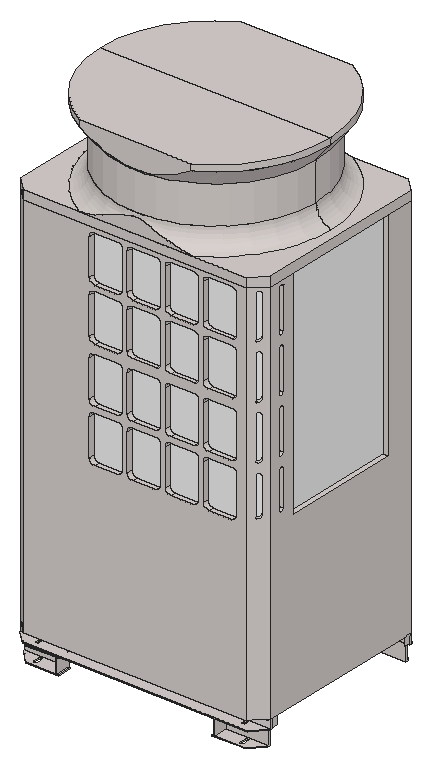
Revit family "PUHY-EM200YNW-A1", category 機械設備, Revit 2016
Family settings
  パーツ タイプ = 標準
  丸型コネクタ寸法 = 半径を使用
  OmniClass 番号 = 23.75.00.00
  OmniClass タイトル = Climate Control (HVAC)
  作業面に基づく = いいえ
  常に垂直 = はい
  ロード時にボイドで切り取り = いいえ
  共有 = いいえ
  部屋の計算ポイント = いいえ
Parameters (values of type "PUHY-EM200YNW-A1_380V_50Hz")
  WarrantyStart = ""
  Temp. range of heating (Outdoor temp.) (W.B.) = "-20.0 to 15.5"
  Temp. range of heating (Indoor temp.) (D.B.) = "15.0 to 27.0"
  Temp. range of cooling (Outdoor temp.) (D.B.) = "-5.0 to 52.0"
  Temp. range of cooling (Indoor temp.) (W.B.) = "15.0 to 24.0"
  TagNumber = 0
  Sound Pressure Level (dB(A)) Heating mode = 59
  Sound Pressure Level (dB(A)) Cooling mode = 58
  SerialNumber = 0
  ReplacementYear = ""
  Rated Load Ampacity (A) Heating mode = 9.2
  Rated Load Ampacity (A) Cooling mode = 8.4
  Protection Devices_High pressure (MPa) = "High pressure sensor, High pressure switch at 4.15"
  Outdoor unit Breaker size (A) = 30
  Note_1 = "Refrigerant pipe diameters may change depending on the installation condition. Please refer to the installation manual."
  モデル = "PUHY-EM200YNW-A1"
  Width = 920.000 mm
  Voltage = 380 V
  Unit Weight (kg) = 228
  URL = "http://www.mitsubishielectric.com/"
  Subcategory = "HVAC"
  Space View = yes
  Refrigerant type = "R32"
  Refrigerant Charge (kg) = 6.5
  Protection Devices_Inverter circuit (COMP./FAN) = "Over-heat protection, Over-current protection"
  Phase = 3
  製造元 = "Mitsubishi Electric Corporation"
  Maximum Circuit Ampacity (A) = 16.1
  Liquid pipe_radius = 4.760 mm
  InstallationDate = ""
  Indoor Unit Total Capacity = "50 to 130% of outdoor unit capacity"
  Indoor Unit Model/Quantity = "M20 to M140/1 to 13 (When connecting the indoor units of M20 or M25, the maximum connectable number of indoor units is 8)"
  Hertz = 50 Hz
  Height = 1858.000 mm
  Heating Power Input (Nominal) (kW) = 4.26
  Heating Power Input (Max) (kW) = 4.94
  Heating Current (Nominal) (A) = 7.1
  Heating Current (Max) (A) = 8.3
  Heating Capacity (Nominal) (kW) = 22.4
  Heating Capacity (Max) (kW) = 25
  Heating COP (Nominal) (kW/kW) = 5.25
  Heating COP (Max)(kW/kW) = 5.06
  Gas pipe_radius = 11.100 mm
  Fan_Type = "Propeller Fan"
  Fan_Quantity = 1
  Fan Motor Output (kW) = 0.92
  External static pressure (Pa) = 0
  External Finish = "Pre-coated galvanized steel sheets (+powder coating for -BS type) <MUNSELL 5Y 8/1 or similar>"
  Equip_description = ""
  Equip_No. = 0
  Equip_ID = ""
  Description = ""
  Depth = 740.000 mm
  CreatedOn = ""
  CreatedBy = ""
  Cooling Power Input (kW) = 4.38
  Cooling EER (kW/kW) = 5.11
  Cooling Current (A) = 7.3
  Cooling Capacity (kW) = 22.4
  Compressor_Type = "Inverter scroll hermetic compressor"
  Compressor_Quantity = 1
  Compressor_Lubricant = "MEL46EH"
  Compressor Motor Output (kW) = 3.4
  Category = ""
  Barcode = ""
  AssetIdentifier = ""
  Airflow Rate (m3/min) = 170
  Airflow Rate (m3/h) = 10200
Reference planes
  plane 1 "Center (Front/Back)": y = 0
  plane 2: z = 0
  plane 3 "Center (Left/Right)": x = 0
  plane 4 "11": through (-415, 370, 1200) normal (0.7071, -0.7071, 0)
  plane 5 "22": through (-415, -370, 1200) normal (-0.7071, -0.7071, 0)
  plane 6 "44": through (460, 325, 1200) normal (-0.7071, -0.7071, 0)
  plane 7 "33": through (460, -325, 1200) normal (0.7071, -0.7071, 0)
  plane 8: z = 754.5
  plane 9: z = 909.5
  plane 10: x = -300
  plane 11: x = -217
  plane 12: y = 370
  plane 13: y = -370
  plane 14: x = -460
  plane 15: x = 460
  plane 16: z = 1858
Forms (mm)
  Extrusion 1, solid, material "Paint_5Y 8/1"
    sketch origin (0, 0, 113) x (-1, 0, 0) y (0, -1, 0)
      loop
        line (410, -370) -> (460, -320) -> (460, 320) -> (410, 370) -> (-410, 370) -> (-460, 320) -> (-460, -320) -> (-410, -370) -> (410, -370)
    from -18 to 1408
  Extrusion 2, void
    sketch origin (410, -370, 113) x (1, 0, 0) y (0, 0, -1)
      loop
        arc (-55, -1393.5) -> (-40.858, -1387.642) -> (-35, -1373.5) r 20
        line (-35, -1373.5) -> (-35, -1238.676)
        arc (-35, -1238.676) -> (-40.858, -1224.534) -> (-55, -1218.676) r 20
        line (-55, -1218.676) -> (-139.8, -1218.676)
        arc (-139.8, -1218.676) -> (-153.942, -1224.534) -> (-159.8, -1238.676) r 20
        line (-159.8, -1238.676) -> (-159.8, -1373.5)
        arc (-159.8, -1373.5) -> (-153.942, -1387.642) -> (-139.8, -1393.5) r 20
        line (-139.8, -1393.5) -> (-55, -1393.5)
    from 0 to 20
  Extrusion 3, void
    sketch origin (270, -370, 113) x (1, 0, 0) y (0, 0, -1)
      loop
        arc (-55, -1393.5) -> (-40.858, -1387.642) -> (-35, -1373.5) r 20
        line (-35, -1373.5) -> (-35, -1238.676)
        arc (-35, -1238.676) -> (-40.858, -1224.534) -> (-55, -1218.676) r 20
        line (-55, -1218.676) -> (-139.8, -1218.676)
        arc (-139.8, -1218.676) -> (-153.942, -1224.534) -> (-159.8, -1238.676) r 20
        line (-159.8, -1238.676) -> (-159.8, -1373.5)
        arc (-159.8, -1373.5) -> (-153.942, -1387.642) -> (-139.8, -1393.5) r 20
        line (-139.8, -1393.5) -> (-55, -1393.5)
    from 0 to 20
  Extrusion 4, void
    sketch origin (130, -370, 113) x (1, 0, 0) y (0, 0, -1)
      loop
        arc (-55, -1393.5) -> (-40.858, -1387.642) -> (-35, -1373.5) r 20
        line (-35, -1373.5) -> (-35, -1238.676)
        arc (-35, -1238.676) -> (-40.858, -1224.534) -> (-55, -1218.676) r 20
        line (-55, -1218.676) -> (-139.8, -1218.676)
        arc (-139.8, -1218.676) -> (-153.942, -1224.534) -> (-159.8, -1238.676) r 20
        line (-159.8, -1238.676) -> (-159.8, -1373.5)
        arc (-159.8, -1373.5) -> (-153.942, -1387.642) -> (-139.8, -1393.5) r 20
        line (-139.8, -1393.5) -> (-55, -1393.5)
    from 0 to 20
  Extrusion 5, void
    sketch origin (-10, -370, 113) x (1, 0, 0) y (0, 0, -1)
      loop
        arc (-55, -1393.5) -> (-40.858, -1387.642) -> (-35, -1373.5) r 20
        line (-35, -1373.5) -> (-35, -1238.676)
        arc (-35, -1238.676) -> (-40.858, -1224.534) -> (-55, -1218.676) r 20
        line (-55, -1218.676) -> (-139.8, -1218.676)
        arc (-139.8, -1218.676) -> (-153.942, -1224.534) -> (-159.8, -1238.676) r 20
        line (-159.8, -1238.676) -> (-159.8, -1373.5)
        arc (-159.8, -1373.5) -> (-153.942, -1387.642) -> (-139.8, -1393.5) r 20
        line (-139.8, -1393.5) -> (-55, -1393.5)
    from 0 to 20
  Extrusion 6, void
    sketch origin (410, -370, -81) x (1, 0, 0) y (0, 0, -1)
      loop
        arc (-55, -1393.5) -> (-40.858, -1387.642) -> (-35, -1373.5) r 20
        line (-35, -1373.5) -> (-35, -1238.676)
        arc (-35, -1238.676) -> (-40.858, -1224.534) -> (-55, -1218.676) r 20
        line (-55, -1218.676) -> (-139.8, -1218.676)
        arc (-139.8, -1218.676) -> (-153.942, -1224.534) -> (-159.8, -1238.676) r 20
        line (-159.8, -1238.676) -> (-159.8, -1373.5)
        arc (-159.8, -1373.5) -> (-153.942, -1387.642) -> (-139.8, -1393.5) r 20
        line (-139.8, -1393.5) -> (-55, -1393.5)
    from 0 to 20
  Extrusion 7, void
    sketch origin (270, -370, -81) x (1, 0, 0) y (0, 0, -1)
      loop
        arc (-55, -1393.5) -> (-40.858, -1387.642) -> (-35, -1373.5) r 20
        line (-35, -1373.5) -> (-35, -1238.676)
        arc (-35, -1238.676) -> (-40.858, -1224.534) -> (-55, -1218.676) r 20
        line (-55, -1218.676) -> (-139.8, -1218.676)
        arc (-139.8, -1218.676) -> (-153.942, -1224.534) -> (-159.8, -1238.676) r 20
        line (-159.8, -1238.676) -> (-159.8, -1373.5)
        arc (-159.8, -1373.5) -> (-153.942, -1387.642) -> (-139.8, -1393.5) r 20
        line (-139.8, -1393.5) -> (-55, -1393.5)
    from 0 to 20
  Extrusion 8, void
    sketch origin (130, -370, -81) x (1, 0, 0) y (0, 0, -1)
      loop
        arc (-55, -1393.5) -> (-40.858, -1387.642) -> (-35, -1373.5) r 20
        line (-35, -1373.5) -> (-35, -1238.676)
        arc (-35, -1238.676) -> (-40.858, -1224.534) -> (-55, -1218.676) r 20
        line (-55, -1218.676) -> (-139.8, -1218.676)
        arc (-139.8, -1218.676) -> (-153.942, -1224.534) -> (-159.8, -1238.676) r 20
        line (-159.8, -1238.676) -> (-159.8, -1373.5)
        arc (-159.8, -1373.5) -> (-153.942, -1387.642) -> (-139.8, -1393.5) r 20
        line (-139.8, -1393.5) -> (-55, -1393.5)
    from 0 to 20
  Extrusion 9, void
    sketch origin (-10, -370, -81) x (1, 0, 0) y (0, 0, -1)
      loop
        arc (-55, -1393.5) -> (-40.858, -1387.642) -> (-35, -1373.5) r 20
        line (-35, -1373.5) -> (-35, -1238.676)
        arc (-35, -1238.676) -> (-40.858, -1224.534) -> (-55, -1218.676) r 20
        line (-55, -1218.676) -> (-139.8, -1218.676)
        arc (-139.8, -1218.676) -> (-153.942, -1224.534) -> (-159.8, -1238.676) r 20
        line (-159.8, -1238.676) -> (-159.8, -1373.5)
        arc (-159.8, -1373.5) -> (-153.942, -1387.642) -> (-139.8, -1393.5) r 20
        line (-139.8, -1393.5) -> (-55, -1393.5)
    from 0 to 20
  Extrusion 10, void
    sketch origin (410, -370, -287) x (1, 0, 0) y (0, 0, -1)
      loop
        arc (-55, -1393.5) -> (-40.858, -1387.642) -> (-35, -1373.5) r 20
        line (-35, -1373.5) -> (-35, -1238.676)
        arc (-35, -1238.676) -> (-40.858, -1224.534) -> (-55, -1218.676) r 20
        line (-55, -1218.676) -> (-139.8, -1218.676)
        arc (-139.8, -1218.676) -> (-153.942, -1224.534) -> (-159.8, -1238.676) r 20
        line (-159.8, -1238.676) -> (-159.8, -1373.5)
        arc (-159.8, -1373.5) -> (-153.942, -1387.642) -> (-139.8, -1393.5) r 20
        line (-139.8, -1393.5) -> (-55, -1393.5)
    from 0 to 20
  Extrusion 11, void
    sketch origin (270, -370, -287) x (1, 0, 0) y (0, 0, -1)
      loop
        arc (-55, -1393.5) -> (-40.858, -1387.642) -> (-35, -1373.5) r 20
        line (-35, -1373.5) -> (-35, -1238.676)
        arc (-35, -1238.676) -> (-40.858, -1224.534) -> (-55, -1218.676) r 20
        line (-55, -1218.676) -> (-139.8, -1218.676)
        arc (-139.8, -1218.676) -> (-153.942, -1224.534) -> (-159.8, -1238.676) r 20
        line (-159.8, -1238.676) -> (-159.8, -1373.5)
        arc (-159.8, -1373.5) -> (-153.942, -1387.642) -> (-139.8, -1393.5) r 20
        line (-139.8, -1393.5) -> (-55, -1393.5)
    from 0 to 20
  Extrusion 12, void
    sketch origin (130, -370, -287) x (1, 0, 0) y (0, 0, -1)
      loop
        arc (-55, -1393.5) -> (-40.858, -1387.642) -> (-35, -1373.5) r 20
        line (-35, -1373.5) -> (-35, -1238.676)
        arc (-35, -1238.676) -> (-40.858, -1224.534) -> (-55, -1218.676) r 20
        line (-55, -1218.676) -> (-139.8, -1218.676)
        arc (-139.8, -1218.676) -> (-153.942, -1224.534) -> (-159.8, -1238.676) r 20
        line (-159.8, -1238.676) -> (-159.8, -1373.5)
        arc (-159.8, -1373.5) -> (-153.942, -1387.642) -> (-139.8, -1393.5) r 20
        line (-139.8, -1393.5) -> (-55, -1393.5)
    from 0 to 20
  Extrusion 13, void
    sketch origin (-10, -370, -287) x (1, 0, 0) y (0, 0, -1)
      loop
        arc (-55, -1393.5) -> (-40.858, -1387.642) -> (-35, -1373.5) r 20
        line (-35, -1373.5) -> (-35, -1238.676)
        arc (-35, -1238.676) -> (-40.858, -1224.534) -> (-55, -1218.676) r 20
        line (-55, -1218.676) -> (-139.8, -1218.676)
        arc (-139.8, -1218.676) -> (-153.942, -1224.534) -> (-159.8, -1238.676) r 20
        line (-159.8, -1238.676) -> (-159.8, -1373.5)
        arc (-159.8, -1373.5) -> (-153.942, -1387.642) -> (-139.8, -1393.5) r 20
        line (-139.8, -1393.5) -> (-55, -1393.5)
    from 0 to 20
  Extrusion 14, void
    sketch origin (410, -370, -481) x (1, 0, 0) y (0, 0, -1)
      loop
        arc (-55, -1393.5) -> (-40.858, -1387.642) -> (-35, -1373.5) r 20
        line (-35, -1373.5) -> (-35, -1238.676)
        arc (-35, -1238.676) -> (-40.858, -1224.534) -> (-55, -1218.676) r 20
        line (-55, -1218.676) -> (-139.8, -1218.676)
        arc (-139.8, -1218.676) -> (-153.942, -1224.534) -> (-159.8, -1238.676) r 20
        line (-159.8, -1238.676) -> (-159.8, -1373.5)
        arc (-159.8, -1373.5) -> (-153.942, -1387.642) -> (-139.8, -1393.5) r 20
        line (-139.8, -1393.5) -> (-55, -1393.5)
    from 0 to 20
  Extrusion 15, void
    sketch origin (270, -370, -481) x (1, 0, 0) y (0, 0, -1)
      loop
        arc (-55, -1393.5) -> (-40.858, -1387.642) -> (-35, -1373.5) r 20
        line (-35, -1373.5) -> (-35, -1238.676)
        arc (-35, -1238.676) -> (-40.858, -1224.534) -> (-55, -1218.676) r 20
        line (-55, -1218.676) -> (-139.8, -1218.676)
        arc (-139.8, -1218.676) -> (-153.942, -1224.534) -> (-159.8, -1238.676) r 20
        line (-159.8, -1238.676) -> (-159.8, -1373.5)
        arc (-159.8, -1373.5) -> (-153.942, -1387.642) -> (-139.8, -1393.5) r 20
        line (-139.8, -1393.5) -> (-55, -1393.5)
    from 0 to 20
  Extrusion 16, void
    sketch origin (130, -370, -481) x (1, 0, 0) y (0, 0, -1)
      loop
        arc (-55, -1393.5) -> (-40.858, -1387.642) -> (-35, -1373.5) r 20
        line (-35, -1373.5) -> (-35, -1238.676)
        arc (-35, -1238.676) -> (-40.858, -1224.534) -> (-55, -1218.676) r 20
        line (-55, -1218.676) -> (-139.8, -1218.676)
        arc (-139.8, -1218.676) -> (-153.942, -1224.534) -> (-159.8, -1238.676) r 20
        line (-159.8, -1238.676) -> (-159.8, -1373.5)
        arc (-159.8, -1373.5) -> (-153.942, -1387.642) -> (-139.8, -1393.5) r 20
        line (-139.8, -1393.5) -> (-55, -1393.5)
    from 0 to 20
  Extrusion 17, void
    sketch origin (-10, -370, -481) x (1, 0, 0) y (0, 0, -1)
      loop
        arc (-55, -1393.5) -> (-40.858, -1387.642) -> (-35, -1373.5) r 20
        line (-35, -1373.5) -> (-35, -1238.676)
        arc (-35, -1238.676) -> (-40.858, -1224.534) -> (-55, -1218.676) r 20
        line (-55, -1218.676) -> (-139.8, -1218.676)
        arc (-139.8, -1218.676) -> (-153.942, -1224.534) -> (-159.8, -1238.676) r 20
        line (-159.8, -1238.676) -> (-159.8, -1373.5)
        arc (-159.8, -1373.5) -> (-153.942, -1387.642) -> (-139.8, -1393.5) r 20
        line (-139.8, -1393.5) -> (-55, -1393.5)
    from 0 to 20
  Extrusion 18, solid
    sketch origin (0, -189, -3) x (0, 0, -1) y (-1, 0, 0)
      loop
        circle (-179, 217) r 11.1
    from 0 to 150
  Extrusion 19, solid
    sketch origin (0, -172, -3) x (0, 0, -1) y (-1, 0, 0)
      loop
        circle (-179, 300) r 4.76
    from 0 to 150
  Extrusion 20, void
    sketch origin (-460, -320, 113) x (0, -1, 0) y (0, 0, -1)
      loop
        line (-611.5, -1236.511) -> (-611.5, -1386.5)
        arc (-611.5, -1386.5) -> (-601.5, -1396.5) -> (-591.5, -1386.5) r 10
        line (-591.5, -1386.5) -> (-591.5, -1236.511)
        arc (-591.5, -1236.511) -> (-601.5, -1226.511) -> (-611.5, -1236.511) r 10
    from 0 to 20
  Extrusion 21, void
    sketch origin (-460, -320, -87.006) x (0, -1, 0) y (0, 0, -1)
      loop
        line (-611.5, -1236.511) -> (-611.5, -1386.5)
        arc (-611.5, -1386.5) -> (-601.5, -1396.5) -> (-591.5, -1386.5) r 10
        line (-591.5, -1386.5) -> (-591.5, -1236.511)
        arc (-591.5, -1236.511) -> (-601.5, -1226.511) -> (-611.5, -1236.511) r 10
    from 0 to 20
  Extrusion 22, void
    sketch origin (-460, -320, -287.006) x (0, -1, 0) y (0, 0, -1)
      loop
        line (-611.5, -1236.511) -> (-611.5, -1386.5)
        arc (-611.5, -1386.5) -> (-601.5, -1396.5) -> (-591.5, -1386.5) r 10
        line (-591.5, -1386.5) -> (-591.5, -1236.511)
        arc (-591.5, -1236.511) -> (-601.5, -1226.511) -> (-611.5, -1236.511) r 10
    from 0 to 20
  Extrusion 23, void
    sketch origin (-460, -320, -479.506) x (0, -1, 0) y (0, 0, -1)
      loop
        line (-611.5, -1244.006) -> (-611.5, -1379.006)
        arc (-611.5, -1379.006) -> (-601.5, -1389.006) -> (-591.5, -1379.006) r 10
        line (-591.5, -1379.006) -> (-591.5, -1244.006)
        arc (-591.5, -1244.006) -> (-601.5, -1234.006) -> (-611.5, -1244.006) r 10
    from 0 to 20
  Extrusion 24, void
    sketch origin (-460, -320, 113) x (0, -1, 0) y (0, 0, -1)
      loop
        line (-543, -1408) -> (-215, -1408) -> (-215, -632) -> (-543, -632) -> (-543, -1408)
    from 0 to 20
  Extrusion 25, void
    sketch origin (-410, 370, 113) x (0.707107, 0.707107, 0) y (0, 0, 1)
      loop
        line (-27.158, 1236.539) -> (-27.158, 1386.461)
        arc (-27.158, 1386.461) -> (-37.158, 1396.461) -> (-47.158, 1386.461) r 10
        line (-47.158, 1386.461) -> (-47.158, 1236.539)
        arc (-47.158, 1236.539) -> (-37.158, 1226.539) -> (-27.158, 1236.539) r 10
      loop
        line (-27.158, 1036.539) -> (-27.158, 1186.461)
        arc (-27.158, 1186.461) -> (-37.158, 1196.461) -> (-47.158, 1186.461) r 10
        line (-47.158, 1186.461) -> (-47.158, 1036.539)
        arc (-47.158, 1036.539) -> (-37.158, 1026.539) -> (-27.158, 1036.539) r 10
      loop
        line (-27.158, 836.539) -> (-27.158, 986.461)
        arc (-27.158, 986.461) -> (-37.158, 996.461) -> (-47.158, 986.461) r 10
        line (-47.158, 986.461) -> (-47.158, 836.539)
        arc (-47.158, 836.539) -> (-37.158, 826.539) -> (-27.158, 836.539) r 10
      loop
        line (-27.158, 652.5) -> (-27.158, 785.5)
        arc (-27.158, 785.5) -> (-37.158, 795.5) -> (-47.158, 785.5) r 10
        line (-47.158, 785.5) -> (-47.158, 652.5)
        arc (-47.158, 652.5) -> (-37.158, 642.5) -> (-27.158, 652.5) r 10
    from 0 to 20
  Extrusion 26, void
    sketch origin (460, -320, 113) x (0.707107, 0.707107, 0) y (0, 0, -1)
      loop
        arc (-25.5, -1236.423) -> (-35.5, -1226.423) -> (-45.5, -1236.423) r 10
        line (-45.5, -1236.423) -> (-45.5, -1386.487)
        arc (-45.5, -1386.487) -> (-35.5, -1396.487) -> (-25.5, -1386.487) r 10
        line (-25.5, -1386.487) -> (-25.5, -1236.423)
    from 0 to 20
  Extrusion 27, void
    sketch origin (460, -320, -86.884) x (0.707107, 0.707107, 0) y (0, 0, -1)
      loop
        arc (-25.5, -1236.423) -> (-35.5, -1226.423) -> (-45.5, -1236.423) r 10
        line (-45.5, -1236.423) -> (-45.5, -1386.487)
        arc (-45.5, -1386.487) -> (-35.5, -1396.487) -> (-25.5, -1386.487) r 10
        line (-25.5, -1386.487) -> (-25.5, -1236.423)
    from 0 to 20
  Extrusion 28, void
    sketch origin (460, -320, -286.884) x (0.707107, 0.707107, 0) y (0, 0, -1)
      loop
        arc (-25.5, -1236.423) -> (-35.5, -1226.423) -> (-45.5, -1236.423) r 10
        line (-45.5, -1236.423) -> (-45.5, -1386.487)
        arc (-45.5, -1386.487) -> (-35.5, -1396.487) -> (-25.5, -1386.487) r 10
        line (-25.5, -1386.487) -> (-25.5, -1236.423)
    from 0 to 20
  Extrusion 29, void
    sketch origin (460, -320, -487.987) x (0.707107, 0.707107, 0) y (0, 0, -1)
      loop
        arc (-25.5, -1253.487) -> (-35.5, -1243.487) -> (-45.5, -1253.487) r 10
        line (-45.5, -1253.487) -> (-45.5, -1386.487)
        arc (-45.5, -1386.487) -> (-35.5, -1396.487) -> (-25.5, -1386.487) r 10
        line (-25.5, -1386.487) -> (-25.5, -1253.487)
    from 0 to 20
  Extrusion 30, void
    sketch origin (460, 320, 113) x (0, 1, 0) y (0, 0, -1)
      loop
        line (-604, -1236.423) -> (-604, -1386.487)
        arc (-604, -1386.487) -> (-594, -1396.487) -> (-584, -1386.487) r 10
        line (-584, -1386.487) -> (-584, -1236.423)
        arc (-584, -1236.423) -> (-594, -1226.423) -> (-604, -1236.423) r 10
      loop
        line (-604, -1036.539) -> (-604, -1186.603)
        arc (-604, -1186.603) -> (-594, -1196.603) -> (-584, -1186.603) r 10
        line (-584, -1186.603) -> (-584, -1036.539)
        arc (-584, -1036.539) -> (-594, -1026.539) -> (-604, -1036.539) r 10
      loop
        line (-604, -836.539) -> (-604, -986.603)
        arc (-604, -986.603) -> (-594, -996.603) -> (-584, -986.603) r 10
        line (-584, -986.603) -> (-584, -836.539)
        arc (-584, -836.539) -> (-594, -826.539) -> (-604, -836.539) r 10
      loop
        line (-604, -652.5) -> (-604, -785.5)
        arc (-604, -785.5) -> (-594, -795.5) -> (-584, -785.5) r 10
        line (-584, -785.5) -> (-584, -652.5)
        arc (-584, -652.5) -> (-594, -642.5) -> (-604, -652.5) r 10
    from 0 to 20
  Extrusion 31, void
    sketch origin (460, 320, 113) x (0, 1, 0) y (0, 0, -1)
      loop
        line (-542, -1408) -> (-100, -1408) -> (-100, -611.5) -> (-542, -611.5) -> (-542, -1408)
    from 0 to 20
  Extrusion 32, void
    sketch origin (-410, 370, 113) x (-1, 0, 0) y (0, 0, -1)
      loop
        line (-718, -1408) -> (-47, -1408) -> (-47, -613) -> (-718, -613) -> (-718, -1408)
    from 0 to 20
Cuts and joins
  Extrusion 2, Extrusion 3, Extrusion 4, Extrusion 5, Extrusion 6, Extrusion 7, Extrusion 8, Extrusion 9, Extrusion 10, Extrusion 11, Extrusion 12, Extrusion 13, Extrusion 14, Extrusion 15, Extrusion 16, Extrusion 17, Extrusion 20, Extrusion 21, Extrusion 22, Extrusion 23, Extrusion 24, Extrusion 25, Extrusion 26, Extrusion 27, Extrusion 28, Extrusion 29, Extrusion 30, Extrusion 31, Extrusion 32 cuts Extrusion 1
Lines and regions (mm)
  model lines
    curve 1: line (-390, -370, 716) -> (390, -370, 716)
    curve 2: line (-390, -370, 1521) -> (-390, -370, 95)
    curve 3: line (390, -370, 1521) -> (390, -370, 95)
    curve 4: line (-172, -370, 95) -> (-172, -370, 207.5)
    curve 5: line (390, -370, 224.5) -> (199, -370, 224.5)
    curve 6: line (172, -370, 197.5) -> (172, -370, 95)
    curve 7: arc (-189, -370, 224.5) -> (-176.979, -370, 219.521) -> (-172, -370, 207.5) r 17
    curve 8: arc (199, -370, 224.5) -> (179.908, -370, 216.592) -> (172, -370, 197.5) r 27
    curve 9: line (-192, -291, 95) -> (-322, -291, 95)
    curve 10: line (-182, -207, 95) -> (-182, -281, 95)
    curve 11: line (-322, -197, 95) -> (-192, -197, 95)
    curve 12: line (-332, -281, 95) -> (-332, -207, 95)
    curve 13: arc (-332, -281, 95) -> (-329.071, -288.071, 95) -> (-322, -291, 95) r 10
    curve 14: arc (-192, -291, 95) -> (-184.929, -288.071, 95) -> (-182, -281, 95) r 10
    curve 15: arc (-182, -207, 95) -> (-184.929, -199.929, 95) -> (-192, -197, 95) r 10
    curve 16: arc (-322, -197, 95) -> (-329.071, -199.929, 95) -> (-332, -207, 95) r 10
    curve 25: line (-219, -370, 1521) -> (-219, -370, 716)
    curve 26: line (-189, -370, 224.5) -> (-390, -370, 224.5)
    curve 27: circle (308, -185, 95) r 26 normal (0, 0, 1)
    curve 28: circle (288, -260, 95) r 32.5 normal (0, 0, 1)
    curve 29: circle (244, -204, 95) r 17 normal (0, 0, 1)
    curve 30: line (-460, 243, 1521) -> (-460, 243, 95)
    curve 31: line (-460, 243, 705) -> (-460, -155, 705)
    curve 32: line (-460, -155, 95) -> (-460, -155, 1521)
    curve 33: line (-460, 223, 1521) -> (-460, 223, 705)
    curve 34: line (-460, -105, 1521) -> (-460, -105, 705)
    curve 35: line (-460, -95.983, 267.745) -> (-460, 184, 267.745)
    curve 36: line (-460, 184, 247.745) -> (-460, -95.983, 247.745)
    curve 37: arc (-460, -95.983, 247.745) -> (-460, -105.983, 257.745) -> (-460, -95.983, 267.745) r 10
    curve 38: arc (-460, 184, 267.745) -> (-460, 194, 257.745) -> (-460, 184, 247.745) r 10
    curve 39: line (-460, -95.983, 372.745) -> (-460, 184, 372.745)
    curve 40: line (-460, 184, 352.745) -> (-460, -95.983, 352.745)
    curve 41: arc (-460, -95.983, 352.745) -> (-460, -105.983, 362.745) -> (-460, -95.983, 372.745) r 10
    curve 42: arc (-460, 184, 372.745) -> (-460, 194, 362.745) -> (-460, 184, 352.745) r 10
    curve 43: line (-460, -95.983, 477.745) -> (-460, 184, 477.745)
    curve 44: line (-460, 184, 457.745) -> (-460, -95.983, 457.745)
    curve 45: arc (-460, -95.983, 457.745) -> (-460, -105.983, 467.745) -> (-460, -95.983, 477.745) r 10
    curve 46: arc (-460, 184, 477.745) -> (-460, 194, 467.745) -> (-460, 184, 457.745) r 10
    curve 47: line (-460, -95.983, 582.745) -> (-460, 184, 582.745)
    curve 48: line (-460, 184, 562.745) -> (-460, -95.983, 562.745)
    curve 49: arc (-460, -95.983, 562.745) -> (-460, -105.983, 572.745) -> (-460, -95.983, 582.745) r 10
    curve 50: arc (-460, 184, 582.745) -> (-460, 194, 572.745) -> (-460, 184, 562.745) r 10
    curve 51: line (-110, -370, 269) -> (110, -370, 269)
    curve 52: line (110, -370, 249) -> (-110, -370, 249)
    curve 53: arc (-120, -370, 259) -> (-117.071, -370, 266.071) -> (-110, -370, 269) r 10
    curve 54: arc (-110, -370, 249) -> (-117.071, -370, 251.929) -> (-120, -370, 259) r 10
    curve 55: arc (110, -370, 269) -> (117.071, -370, 266.071) -> (120, -370, 259) r 10
    curve 56: arc (120, -370, 259) -> (117.071, -370, 251.929) -> (110, -370, 249) r 10
    curve 57: line (-222.5, -370, 584) -> (222.5, -370, 584)
    curve 58: line (222.5, -370, 564) -> (-222.5, -370, 564)
    curve 59: arc (-222.5, -370, 584) -> (-229.571, -370, 581.071) -> (-232.5, -370, 574) r 10
    curve 60: arc (222.5, -370, 584) -> (229.571, -370, 581.071) -> (232.5, -370, 574) r 10
    curve 61: arc (232.5, -370, 574) -> (229.571, -370, 566.929) -> (222.5, -370, 564) r 10
    curve 62: arc (-222.5, -370, 564) -> (-229.571, -370, 566.929) -> (-232.5, -370, 574) r 10
    curve 63: line (-222.5, -370, 479) -> (222.5, -370, 479)
    curve 64: line (222.5, -370, 459) -> (-222.5, -370, 459)
    curve 65: arc (-222.5, -370, 479) -> (-229.571, -370, 476.071) -> (-232.5, -370, 469) r 10
    curve 66: arc (222.5, -370, 479) -> (229.571, -370, 476.071) -> (232.5, -370, 469) r 10
    curve 67: arc (232.5, -370, 469) -> (229.571, -370, 461.929) -> (222.5, -370, 459) r 10
    curve 68: arc (-222.5, -370, 459) -> (-229.571, -370, 461.929) -> (-232.5, -370, 469) r 10
    curve 69: line (-222.5, -370, 374) -> (222.5, -370, 374)
    curve 70: line (222.5, -370, 354) -> (-222.5, -370, 354)
    curve 71: arc (-222.5, -370, 374) -> (-229.571, -370, 371.071) -> (-232.5, -370, 364) r 10
    curve 72: arc (222.5, -370, 374) -> (229.571, -370, 371.071) -> (232.5, -370, 364) r 10
    curve 73: arc (232.5, -370, 364) -> (229.571, -370, 356.929) -> (222.5, -370, 354) r 10
    curve 74: arc (-222.5, -370, 354) -> (-229.571, -370, 356.929) -> (-232.5, -370, 364) r 10
    curve 75: line (460, -237.5, 1521) -> (460, -237.5, 95)
    curve 76: line (460, -237.5, 705) -> (460, 236.5, 705)
    curve 77: line (460, -237.5, 724.5) -> (460, 236.5, 724.5)
    curve 78: line (460, 236.5, 1521) -> (460, 236.5, 95)
    curve 79: line (327.5, 370, 1521) -> (327.5, 370, 95)
    curve 80: line (308, 370, 1521) -> (308, 370, 706)
    curve 81: line (327.5, 370, 706) -> (-382.5, 370, 706)
    curve 82: line (-382.5, 370, 1521) -> (-382.5, 370, 95)
    curve 83: line (-363, 370, 1521) -> (-363, 370, 706)
    curve 84: line (460, -140.491, 267.745) -> (460, 139.491, 267.745)
    curve 85: line (460, 139.491, 247.745) -> (460, -140.491, 247.745)
    curve 86: arc (460, -140.491, 247.745) -> (460, -150.491, 257.745) -> (460, -140.491, 267.745) r 10
    curve 87: arc (460, 139.491, 267.745) -> (460, 149.491, 257.745) -> (460, 139.491, 247.745) r 10
    curve 88: line (460, -140.491, 372.745) -> (460, 139.491, 372.745)
    curve 89: line (460, 139.491, 352.745) -> (460, -140.491, 352.745)
    curve 90: arc (460, -140.491, 352.745) -> (460, -150.491, 362.745) -> (460, -140.491, 372.745) r 10
    curve 91: arc (460, 139.491, 372.745) -> (460, 149.491, 362.745) -> (460, 139.491, 352.745) r 10
    curve 92: line (460, -140.491, 477.745) -> (460, 139.491, 477.745)
    curve 93: line (460, 139.491, 457.745) -> (460, -140.491, 457.745)
    curve 94: arc (460, -140.491, 457.745) -> (460, -150.491, 467.745) -> (460, -140.491, 477.745) r 10
    curve 95: arc (460, 139.491, 477.745) -> (460, 149.491, 467.745) -> (460, 139.491, 457.745) r 10
    curve 96: line (460, -140.491, 582.745) -> (460, 139.491, 582.745)
    curve 97: line (460, 139.491, 562.745) -> (460, -140.491, 562.745)
    curve 98: arc (460, -140.491, 562.745) -> (460, -150.491, 572.745) -> (460, -140.491, 582.745) r 10
    curve 99: arc (460, 139.491, 582.745) -> (460, 149.491, 572.745) -> (460, 139.491, 562.745) r 10
    curve 100: line (-222.5, 370, 584) -> (222.5, 370, 584)
    curve 101: line (222.5, 370, 564) -> (-222.5, 370, 564)
    curve 102: arc (-222.5, 370, 584) -> (-229.571, 370, 581.071) -> (-232.5, 370, 574) r 10
    curve 103: arc (222.5, 370, 584) -> (229.571, 370, 581.071) -> (232.5, 370, 574) r 10
    curve 104: arc (232.5, 370, 574) -> (229.571, 370, 566.929) -> (222.5, 370, 564) r 10
    curve 105: arc (-222.5, 370, 564) -> (-229.571, 370, 566.929) -> (-232.5, 370, 574) r 10
    curve 106: line (-222.5, 370, 479) -> (222.5, 370, 479)
    curve 107: line (222.5, 370, 459) -> (-222.5, 370, 459)
    curve 108: arc (-222.5, 370, 479) -> (-229.571, 370, 476.071) -> (-232.5, 370, 469) r 10
    curve 109: arc (222.5, 370, 479) -> (229.571, 370, 476.071) -> (232.5, 370, 469) r 10
    curve 110: arc (232.5, 370, 469) -> (229.571, 370, 461.929) -> (222.5, 370, 459) r 10
    curve 111: arc (-222.5, 370, 459) -> (-229.571, 370, 461.929) -> (-232.5, 370, 469) r 10
    curve 112: line (-222.5, 370, 374) -> (222.5, 370, 374)
    curve 113: line (222.5, 370, 354) -> (-222.5, 370, 354)
    curve 114: arc (-222.5, 370, 374) -> (-229.571, 370, 371.071) -> (-232.5, 370, 364) r 10
    curve 115: arc (222.5, 370, 374) -> (229.571, 370, 371.071) -> (232.5, 370, 364) r 10
    curve 116: arc (232.5, 370, 364) -> (229.571, 370, 356.929) -> (222.5, 370, 354) r 10
    curve 117: arc (-222.5, 370, 354) -> (-229.571, 370, 356.929) -> (-232.5, 370, 364) r 10
    curve 118: line (-222.5, 370, 269) -> (222.5, 370, 269)
    curve 119: line (222.5, 370, 249) -> (-222.5, 370, 249)
    curve 120: arc (-222.5, 370, 269) -> (-229.571, 370, 266.071) -> (-232.5, 370, 259) r 10
    curve 121: arc (222.5, 370, 269) -> (229.571, 370, 266.071) -> (232.5, 370, 259) r 10
    curve 122: arc (232.5, 370, 259) -> (229.571, 370, 251.929) -> (222.5, 370, 249) r 10
    curve 123: arc (-222.5, 370, 249) -> (-229.571, 370, 251.929) -> (-232.5, 370, 259) r 10
    curve 124: line (-325, -370, 131) -> (-197, -370, 131)
    curve 125: line (-335, -370, 205) -> (-335, -370, 141)
    curve 126: line (-197, -370, 215) -> (-325, -370, 215)
    curve 127: line (-187, -370, 141) -> (-187, -370, 205)
    curve 128: arc (-335, -370, 205) -> (-332.071, -370, 212.071) -> (-325, -370, 215) r 10
    curve 129: arc (-197, -370, 215) -> (-189.929, -370, 212.071) -> (-187, -370, 205) r 10
    curve 130: arc (-335, -370, 141) -> (-332.071, -370, 133.929) -> (-325, -370, 131) r 10
    curve 131: arc (-197, -370, 131) -> (-189.929, -370, 133.929) -> (-187, -370, 141) r 10
    curve 132: circle (328, -370, 170) r 20 normal (0, -1, 0)
    curve 133: circle (328, -370, 170) r 32.5 normal (0, -1, 0)
    curve 134: circle (253, -370, 185) r 13.5 normal (0, -1, 0)
    curve 135: circle (253, -370, 185) r 26 normal (0, -1, 0)
    curve 136: circle (204, -370, 150) r 17 normal (0, -1, 0)
  model lines, not visible
    curve 17: line (487.5, -370, 703) -> (492.5, -370, 703)
    curve 18: line (477.5, -370, 363) -> (477.5, -370, 693)
    curve 19: line (492.5, -370, 353) -> (487.5, -370, 353)
    curve 20: line (502.5, -370, 693) -> (502.5, -370, 363)
    curve 21: arc (487.5, -370, 703) -> (480.429, -370, 700.071) -> (477.5, -370, 693) r 10
    curve 22: arc (492.5, -370, 703) -> (499.571, -370, 700.071) -> (502.5, -370, 693) r 10
    curve 23: arc (502.5, -370, 363) -> (499.571, -370, 355.929) -> (492.5, -370, 353) r 10
    curve 24: arc (477.5, -370, 363) -> (480.429, -370, 355.929) -> (487.5, -370, 353) r 10
Dimensions and locks
  nested 1 to level = 1858.000 mm
  nested 1 to nested 1 = 303.000 mm
  nested 5 to nested 5 = 60.000 mm
  nested 1 to nested 2 = 1495.000 mm
  Extrusion 1 to Extrusion 1 = 920.000 mm
  Extrusion 2 sketch curve to Extrusion 2 sketch curve = 174.824 mm
  Extrusion 3 sketch curve to Extrusion 3 sketch curve = 174.824 mm
  equal spacing: group 5, group 4, group 3, group 2
  equal spacing: group 2, group 3, group 4, group 5  (x2)
  Extrusion 4 sketch curve to Extrusion 4 sketch curve = 174.824 mm
  Extrusion 5 sketch curve to Extrusion 5 sketch curve = 174.824 mm
  Extrusion 6 sketch curve to Extrusion 6 sketch curve = 174.824 mm
  Extrusion 7 sketch curve to Extrusion 7 sketch curve = 174.824 mm
  Extrusion 8 sketch curve to Extrusion 8 sketch curve = 174.824 mm
  Extrusion 9 sketch curve to Extrusion 9 sketch curve = 174.824 mm
  Extrusion 10 sketch curve to Extrusion 10 sketch curve = 174.824 mm
  Extrusion 11 sketch curve to Extrusion 11 sketch curve = 174.824 mm
  Extrusion 12 sketch curve to Extrusion 12 sketch curve = 174.824 mm
  Extrusion 13 sketch curve to Extrusion 13 sketch curve = 174.824 mm
  Extrusion 14 sketch curve to Extrusion 14 sketch curve = 174.824 mm
  Extrusion 15 sketch curve to Extrusion 15 sketch curve = 174.824 mm
  Extrusion 16 sketch curve to Extrusion 16 sketch curve = 174.824 mm
  Extrusion 17 sketch curve to Extrusion 17 sketch curve = 174.824 mm
  cut or joined group 1 (Extrusion 1, Extrusion 2, Extrusion 3, Extrusion 4, Extrusion 5, Extrusion 6, Extrusion 7, Extrusion 8, Extrusion 9, Extrusion 10, Extrusion 11, Extrusion 12, Extrusion 13, Extrusion 14, Extrusion 15, Extrusion 16, Extrusion 17, Extrusion 20, Extrusion 21, Extrusion 22, Extrusion 23, Extrusion 24, Extrusion 25, Extrusion 26, Extrusion 27, Extrusion 28, Extrusion 29, Extrusion 30, Extrusion 31, Extrusion 32) to cut or joined group 1 = 820.000 mm
  cut or joined group 1 to cut or joined group 1 = 920.000 mm
  cut or joined group 1 to cut or joined group 1 = 740.000 mm
  nested 5 to cut or joined group 1 = 80.000 mm
  cut or joined group 1 to nested 4 to nested 5 = 80.000 mm, 760.000 mm
  cut or joined group 1 to nested 2 = 29.500 mm
  cut or joined group 1 to nested 3 to nested 2 = 29.500 mm, 681.000 mm
  cut or joined group 1 to cut or joined group 1 = 35.000 mm
  plane 6 "44" to cut or joined group 1 = 3.536 mm
  Extrusion 25 sketch curve to Extrusion 25 sketch curve = 20.000 mm
  cut or joined group 1 to cut or joined group 1 = 50.000 mm
  locked: Extrusion 19 to nested 2 at 116
  curve 136 to nested 2 = 90.000 mm
  curve 134 to nested 2 = 125.000 mm
  curve 132 to nested 2 = 110.000 mm
  cut or joined group 1 to curve 132 = 132.000 mm
  cut or joined group 1 to curve 134 = 207.000 mm
  cut or joined group 1 to curve 136 = 256.000 mm
  cut or joined group 1 to curve 125 to curve 127 = 125.000 mm, 148.000 mm
  curve 126 to curve 124 to nested 2 = 84.000 mm, 71.000 mm
  cut or joined group 1 to Extrusion 19 = 198.000 mm
  cut or joined group 1 to Extrusion 18 = 181.000 mm
  cut or joined group 1 to curve 29 = 166.000 mm
  cut or joined group 1 to curve 27 = 185.000 mm
  cut or joined group 1 to curve 28 = 110.000 mm
  curve 27 to cut or joined group 1 = 152.000 mm
  curve 28 to cut or joined group 1 = 172.000 mm
  curve 29 to cut or joined group 1 = 216.000 mm
  cut or joined group 1 to curve 9 to curve 11 = 79.000 mm, 94.000 mm
  cut or joined group 1 to curve 12 to curve 10 = 128.000 mm, 150.000 mm
  cut or joined group 1 to plane 10 = 160.000 mm
  cut or joined group 1 to plane 11 = 243.000 mm
  nested 4 to nested 4 = 60.000 mm
  cut or joined group 1 to nested 2 = 32.000 mm
  nested 4 to nested 4 = 56.000 mm
  nested 2 to nested 2 to nested 2 = 20.000 mm, 54.000 mm
  nested 3 to nested 2 = 592.000 mm
  nested 3 to nested 3 = 20.000 mm
  aligned and locked: level to plane 2
  aligned and locked: nested 2 to nested 4
  aligned and locked: nested 2 to nested 5
Nested families
  nested 1: "FAN GUARD" at (0, 0, 861), WIDTH <- "Width", type "FAN GUARD"
    with WIDTH 920.000 mm
  nested 2: "BASE LEG" at (0, -352, 60), Width <- "Width", type "BASE LEG"
    with Width 920.000 mm
  nested 3: "BASE LEG" at (0, 352, 60), Width <- "Width", type "BASE LEG"
    with Width 920.000 mm
  nested 4: "ATTACHMENT LEG" at (-374, -349, 0), type "ATTACHMENT LEG"
  nested 5: "ATTACHMENT LEG" at (374, -349, 0) x (-1, 0, 0) z (0, 0, 1), type "ATTACHMENT LEG"
  nested 6: "ATTACHMENT LEG" at (-374, 349, 0), type "ATTACHMENT LEG"
  nested 7: "ATTACHMENT LEG" at (374, 349, 0) x (-1, 0, 0) z (0, 0, 1), type "ATTACHMENT LEG"
Connectors
  piping at (-217, -189, 176), diameter 22.2, driven by "Gas pipe_radius"
    settings: on Extrusion 18, index 3, connector inside diameter 22.2 mm, connector length 0.000 mm, flow factor 0, pipe flow 0.0 L/s, pressure drop 0.0 Pa, fitting loss kfactor 0, connector angle 0.00°, fixture units 0, engagement length 0.000 mm, angle of deflection 0.00°, flow configuration 0, flow direction 0, fitting loss method 0, system type 22, joint type 0, gender type 0, connector reference index -1, connector utility 0, adjustable connector no, is connector primary yes, connector description "Refrigerant service valve (gas)"
  piping at (-300, -172, 176), diameter 9.52, driven by "Liquid pipe_radius"
    settings: on Extrusion 19, index 4, connector inside diameter 9.52 mm, connector length 0.000 mm, flow factor 0, pipe flow 0.0 L/s, pressure drop 0.0 Pa, fitting loss kfactor 0, connector angle 0.00°, fixture units 0, engagement length 0.000 mm, angle of deflection 0.00°, flow configuration 0, flow direction 0, fitting loss method 0, system type 22, joint type 0, gender type 0, connector reference index -1, connector utility 0, adjustable connector no, is connector primary no, connector description "Refrigerant service valve (Liquid)"
  electrical at (0, -370, 808), driven by "Phase", driven by "Voltage"
    settings: on cut or joined group 1, index 5, voltage 380 V, apparent load 0 VA, apparent load phase1 0 VA, apparent load phase2 0 VA, apparent load phase3 0 VA, power factor 1, load classification "HVAC", number of poles 3, system type 30, power factor state 1, is connector primary yes, connector utility no, sub classification motor no, connector description ""
Definition of nested family "FAN GUARD"
  Parameters
    WIDTH [instance] = 920.000 mm
  Reference planes
    plane 1 "中心(正面/背面)": y = 0
    plane 2: z = 0
    plane 3 "中心(左/右)": x = 0
    plane 4 "ファンガード基準面": z = 660
    plane 5: y = 370
    plane 6: y = -370
    plane 7: x = 460
    plane 8: x = -460
    plane 9 "ファンガード基準上面": z = 694
    plane 10 "ファンガード上面": z = 997
  Forms (mm)
    Extrusion 1, solid
      sketch origin (0, 0, 660) x (-1, 0, 0) y (0, -1, 0)
        loop
          line (410, -370) -> (460, -320) -> (460, 320) -> (410, 370) -> (-410, 370) -> (-460, 320) -> (-460, -320) -> (-410, -370) -> (410, -370)
      from 0 to 34
    Revolve 2, solid
      sketch origin (0, 0, 0) x (1, 0, 0) y (0, 0, 1)
        loop
          line (0, 694) -> (0, 997) -> (-423, 997) -> (-423, 973) -> (-368.829, 903.664) -> (-368.829, 764.141)
          arc (-368.829, 764.141) -> (-384.109, 719.678) -> (-423.494, 694) r 72.332
          line (-423.494, 694) -> (0, 694)
        axis (0, 997) -> (0, 694)
      angle from 0 to 360
    Extrusion 3, void
      sketch origin (0, 0, 694) x (-1, 0, 0) y (0, -1, 0)
        loop
          line (345, -370) -> (-345, -370) -> (-345, -545) -> (345, -545) -> (345, -370)
        loop
          line (345, 370) -> (345, 539.592) -> (-345, 539.592) -> (-345, 370) -> (345, 370)
      from 0 to 400
  Cuts and joins
    Extrusion 3 cuts Revolve 2
  Lines and regions (mm)
    model lines
      curve 1: line (-423, 0, 997) -> (-80, 0, 997)
      curve 2: line (80, 0, 997) -> (423, 0, 997)
      curve 3: circle (0, 0, 997) r 80 normal (0, 0, 1)
      curve 4: line (-415.366, -80, 997) -> (415.366, -80, 997)
      curve 5: line (-391.572, -160, 997) -> (391.572, -160, 997)
      curve 6: line (-348.323, -240, 997) -> (348.323, -240, 997)
      curve 7: line (-276.639, -320, 997) -> (276.639, -320, 997)
      curve 8: line (-415.366, 80, 997) -> (415.366, 80, 997)
      curve 9: line (-391.572, 160, 997) -> (391.572, 160, 997)
      curve 10: line (-348.323, 240, 997) -> (348.323, 240, 997)
      curve 11: line (-276.639, 320, 997) -> (276.639, 320, 997)
      curve 12: line (0, 370, 997) -> (0, -370, 997)
      curve 13: line (-20, 370, 997) -> (-20, -370, 997)
      curve 14: line (-40, 370, 997) -> (-40, -370, 997)
      curve 15: line (-60, 370, 997) -> (-60, -370, 997)
      curve 16: line (-80, 370, 997) -> (-80, -370, 997)
      curve 17: line (20, 370, 997) -> (20, -370, 997)
      curve 18: line (40, 370, 997) -> (40, -370, 997)
      curve 19: line (60, 370, 997) -> (60, -370, 997)
      curve 20: line (80, 370, 997) -> (80, -370, 997)
      curve 21: line (100, 370, 997) -> (100, -370, 997)
      curve 22: line (120, 370, 997) -> (120, -370, 997)
      curve 23: line (140, 370, 997) -> (140, -370, 997)
      curve 24: line (160, 370, 997) -> (160, -370, 997)
      curve 25: line (180, 370, 997) -> (180, -370, 997)
      curve 26: line (200, 370, 997) -> (200, -370, 997)
      curve 27: line (220, 361.288, 997) -> (220, -361.288, 997)
      curve 28: line (240, 348.323, 997) -> (240, -348.323, 997)
      curve 29: line (260, 333.66, 997) -> (260, -333.66, 997)
      curve 30: line (280, 317.063, 997) -> (280, -317.063, 997)
      curve 31: line (300, 298.21, 997) -> (300, -298.21, 997)
      curve 32: line (320, 276.639, 997) -> (320, -276.639, 997)
      curve 33: line (340, 251.653, 997) -> (340, -251.653, 997)
      curve 34: line (360, 222.101, 997) -> (360, -222.101, 997)
      curve 35: line (380, 185.82, 997) -> (380, -185.82, 997)
      curve 36: line (400, 137.583, 997) -> (400, -137.583, 997)
      curve 37: line (420, 50.289, 997) -> (420, -50.289, 997)
      curve 38: line (-100, 370, 997) -> (-100, -370, 997)
      curve 39: line (-120, 370, 997) -> (-120, -370, 997)
      curve 40: line (-140, 370, 997) -> (-140, -370, 997)
      curve 41: line (-160, 370, 997) -> (-160, -370, 997)
      curve 42: line (-180, 370, 997) -> (-180, -370, 997)
      curve 43: line (-200, 370, 997) -> (-200, -370, 997)
      curve 44: line (-220, 361.288, 997) -> (-220, -361.288, 997)
      curve 45: line (-240, 348.323, 997) -> (-240, -348.323, 997)
      curve 46: line (-260, 333.66, 997) -> (-260, -333.66, 997)
      curve 47: line (-280, 317.063, 997) -> (-280, -317.063, 997)
      curve 48: line (-300, 298.21, 997) -> (-300, -298.21, 997)
      curve 49: line (-320, 276.639, 997) -> (-320, -276.639, 997)
      curve 50: line (-340, 251.653, 997) -> (-340, -251.653, 997)
      curve 51: line (-360, 222.101, 997) -> (-360, -222.101, 997)
      curve 52: line (-380, 185.82, 997) -> (-380, -185.82, 997)
      curve 53: line (-400, 137.583, 997) -> (-400, -137.583, 997)
      curve 54: line (-420, 50.289, 997) -> (-420, -50.289, 997)
      curve 55: line (10, 79.373, 997) -> (10, -79.373, 997)
      curve 56: line (-10, 79.373, 997) -> (-10, -79.373, 997)
      curve 57: line (30, 74.162, 997) -> (30, -74.162, 997)
      curve 58: line (50, 62.45, 997) -> (50, -62.45, 997)
      curve 59: line (70, 38.73, 997) -> (70, -38.73, 997)
      curve 60: line (-30, 74.162, 997) -> (-30, -74.162, 997)
      curve 61: line (-50, 62.45, 997) -> (-50, -62.45, 997)
      curve 62: line (-70, 38.73, 997) -> (-70, -38.73, 997)
  Dimensions and locks
    "WIDTH": plane 8 to plane 7
    locked: plane 6 to plane 5 at 740
    equal spacing: plane 8, plane 3 "中心(左/右)", plane 7
    equal spacing: plane 6, plane 1 "中心(正面/背面)", plane 5
    plane 3 "中心(左/右)" to Revolve 2 sketch curve = 423.000 mm
